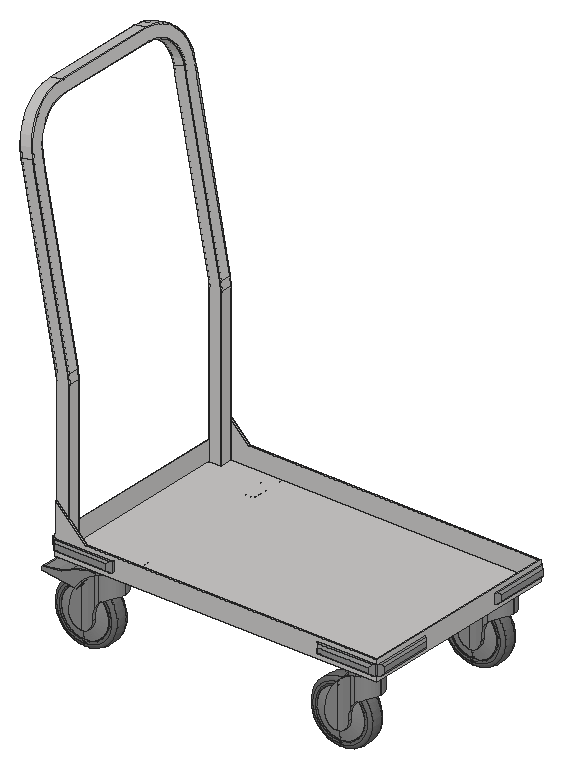
Revit family "QF_BPRO_TRE 6x4_575098", category Sonderausstattung, Revit 2018
Family settings
  Bemaßung runder Anschluss = Durchmesser verwenden
  Teiletyp = Normal
  Arbeitsebenenbasiert = Nein
  Immer vertikal = Ja
  Beim Laden mit Abzugskörper schneiden = Nein
  Gemeinsam genutzt = Nein
  Raumberechnungspunkt = Nein
Parameters (values of type "TRE 6x4")
  Zubehör = yes
  Warnhinweise = ""
  URL = "https://www.bpro-solutions.com/"
  Typenkommentare = "Transportwagen für Eurobehälter"
  Tiefe = 430 mm
  Modell = "TRE 6x4"
  Material Stoßschutz = QF_Plastic-Dark_Grey-Matt
  Material Rollen = QF_Plastic-Dark_Grey-Matt
  Material = QF_Metal-Stainless-Steel_general
  Länge Gerätebreite = 742 mm
  Kosten = 391.1
  Internetadresse für Ersatzteilliste = ""
  Internetadresse Gerätehersteller = "https://www.bpro-solutions.com/"
  ID [instance] = ""
  Höhe = 950 mm
  Hersteller = "B.PRO GmbH"
  Großküchengerätezuordnung = yes
  Gerätegewicht Netto = 10.00 kg
  Freiraum [instance] = no
  CE Kennzeichnung = yes
  Beschreibung durch Hersteller analog Leistungsverzeichnislangtext = "Abmessungen\n\nLänge:\t\t\t742 mm\nBreite:\t\t430 mm\nHöhe:\t\t950 mm\nPlattformhöhe:\t\t201 mm\n\n\nAusführung\n\nDer Transportroller für Eurobehälter besteht komplett aus CNS 18/10. Die Oberfläche ist mikroliert. \nStirnseitig befindet sich ein gebogener Schiebegriff aus 25 x 25 mm Vierkantrohr. \n\nDer Wagen ist fahrbar mittels rostfreien Kunststoffrollen gemäß DIN 18867-8 (4 Lenkrollen, davon 2 mit Feststeller, Rollendurchmesser 125 mm). Stoßleisten aus Kunststoff (Polyethylen) an allen vier Seiten schützen vor Beschädigung.\n\n\nTechnische Daten\n\nWerkstoff:\t\tCNS 18/10\nGewicht:\t\t10 kg \nGesamttragfähigkeit:\t120 kg\nPlattformgröße:\t\t600 x 400 mm\n\n\nBesonderheit\n\n•\tErgonomischer Schiebegriff\n\n\nFabrikat\n\nHersteller:\t\t\tB.PRO\nModell:\tTRE 6 x 4\nBest.Nr.\t575 098"
  Description = "TRE 6 x 4\nPlattformwagen\nfür Eurobehälter,\ninkl. Schiebegriff,\nmit umlaufendem Profilrand,\nPlattformgröße: 640 x 430 mm"
  Artikel Nummer = "575098"
Reference planes
  plane 1 "Mitte (Vorne/hinten)": y = 0
  plane 2: z = 0
  plane 3 "Mitte (Links/rechts)": x = 0
  plane 4: y = -166
  plane 5: y = 166
  plane 6: x = -241
  plane 7: x = 271
  plane 8 "g": through (-398.358, -1524, 947.346) normal (0.9816, 0, 0.1908)
Forms (mm)
  Extrusion 1, solid, material "QF_Metal-Stainless-Steel_general" <- "Material"
    sketch origin (0, 0, 0) x (1, 0, 0) y (0, 1, 0)
      loop
        line (322.5, -205) -> (322.5, 205) -> (-322.5, 205) -> (-322.5, -205) -> (322.5, -205)
      loop
        line (-320.5, 203) -> (-320.5, -202.929) -> (320.5, -202.929) -> (320.5, 203) -> (-320.5, 203)
    from 162.495 to 200.495
  Extrusion 2, solid, material "QF_Metal-Stainless-Steel_general" <- "Material"
    sketch origin (0, 0, 0) x (1, 0, 0) y (0, 1, 0)
      loop
        line (-322.5, -205) -> (322.5, -205) -> (322.5, 205) -> (-322.5, 205) -> (-322.5, -205)
    from 160.495 to 162.495
  Extrusion 3, solid, material "QF_Metal-Stainless-Steel_general" <- "Material"
    sketch origin (0, 0, 0) x (1, 0, 0) y (0, 0, 1)
      loop
        line (-260.5, 200.495) -> (-320.5, 260.495) -> (-320.5, 200.495) -> (-260.5, 200.495)
    from 203 to 205
  Extrusion 4, solid, material "QF_Metal-Stainless-Steel_general" <- "Material"
    sketch origin (0, 408, 0) x (1, 0, 0) y (0, 0, 1)
      loop
        line (-260.5, 200.495) -> (-320.5, 260.495) -> (-320.5, 200.495) -> (-260.5, 200.495)
    from 203 to 205
  Sweep 5, solid, material "QF_Metal-Stainless-Steel_general" <- "Material"
    path origin (0, 0, 0) x (1, 0, 0) y (0, 0, 1)
      loop
        line (-308, 162.495) -> (-308, 474.552)
        arc (-308, 474.552) -> (-308.38, 482.459) -> (-309.516, 490.293) r 82.5
        line (-309.516, 490.293) -> (-376.89, 836.903)
    profile origin (-308, 0, 318.523) x (-1, 0, 0) y (0, -1, 0)
      loop
        line (-11.25, 178) -> (11.25, 178)
        arc (11.25, 178) -> (12.134, 178.366) -> (12.5, 179.25) r 1.25
        line (12.5, 179.25) -> (12.5, 201.75)
        arc (12.5, 201.75) -> (12.134, 202.634) -> (11.25, 203) r 1.25
        line (11.25, 203) -> (-11.25, 203)
        arc (-11.25, 203) -> (-12.134, 202.634) -> (-12.5, 201.75) r 1.25
        line (-12.5, 201.75) -> (-12.5, 179.25)
        arc (-12.5, 179.25) -> (-12.134, 178.366) -> (-11.25, 178) r 1.25
  Sweep 6, solid, material "QF_Metal-Stainless-Steel_general" <- "Material"
    path origin (0, 0, 0) x (1, 0, 0) y (0, 0, -1)
      loop
        line (-308, -162.495) -> (-308, -474.552)
        arc (-308, -474.552) -> (-308.38, -482.459) -> (-309.516, -490.293) r 82.5
        line (-309.516, -490.293) -> (-376.89, -836.903)
    profile origin (-308, 0, 318.523) x (1, 0, 0) y (0, 1, 0)
      loop
        arc (11.25, 178) -> (12.134, 178.366) -> (12.5, 179.25) r 1.25
        line (12.5, 179.25) -> (12.5, 201.75)
        arc (12.5, 201.75) -> (12.134, 202.634) -> (11.25, 203) r 1.25
        line (11.25, 203) -> (-11.25, 203)
        arc (-11.25, 203) -> (-12.134, 202.634) -> (-12.5, 201.75) r 1.25
        line (-12.5, 201.75) -> (-12.5, 179.25)
        arc (-12.5, 179.25) -> (-12.134, 178.366) -> (-11.25, 178) r 1.25
        line (-11.25, 178) -> (11.25, 178)
  Sweep 7, solid, material "QF_Metal-Stainless-Steel_general" <- "Material"
    path origin (-206.413, 0, -40.123) x (-0.190809, 0, 0.981627) y (0, -1, 0)
      loop
        line (893.44, 190.5) -> (908.484, 190.5)
        arc (908.484, 190.5) -> (968.588, 165.604) -> (993.484, 105.5) r 85
        line (993.484, 105.5) -> (993.484, -105.5)
        arc (993.484, -105.5) -> (968.588, -165.604) -> (908.484, -190.5) r 85
        line (908.484, -190.5) -> (893.44, -190.5)
    profile origin (-378.325, -190.5, 844.286) x (0, -1, 0) y (0.981627, 0, 0.190809)
      loop
        line (-11.25, -12.5) -> (11.25, -12.5)
        arc (11.25, -12.5) -> (12.134, -12.134) -> (12.5, -11.25) r 1.25
        line (12.5, -11.25) -> (12.5, 11.25)
        arc (12.5, 11.25) -> (12.134, 12.134) -> (11.25, 12.5) r 1.25
        line (11.25, 12.5) -> (-11.25, 12.5)
        arc (-11.25, 12.5) -> (-12.134, 12.134) -> (-12.5, 11.25) r 1.25
        line (-12.5, 11.25) -> (-12.5, -11.25)
        arc (-12.5, -11.25) -> (-12.134, -12.134) -> (-11.25, -12.5) r 1.25
  Extrusion 8, solid, visible <- "Freiraum"
    sketch origin (862.245, 96.422, 0) x (1, 0, 0) y (0, 1, 0)
      loop
        line (-1272.664, 118.578) -> (-1272.664, -311.422) -> (-529.745, -311.422) -> (-529.745, 118.578) -> (-1272.664, 118.578)
    from 0 to 949.537
Cuts and joins
  joined: Extrusion 1, Extrusion 2, Extrusion 3, Extrusion 4
  joined: Sweep 5, Sweep 6, Sweep 7
Dimensions and locks
  aligned and locked: level to plane 2
Nested families
  nested 1: "Rolle_125mm_Typ1_1" at (-241, 166, 0) x (0, -1, 0) z (0, 0, 1), type "Bremse und Platte"
  nested 2: "Rolle_125mm_Typ1_1" at (-241, -166, 0) x (0, -1, 0) z (0, 0, 1), type "Bremse und Platte"
  nested 3: "Rolle_125mm_Typ1_1" at (271, -166, 0) x (0, -1, 0) z (0, 0, 1), type "ohne Bremse mit Platte"
  nested 4: "Rolle_125mm_Typ1_1" at (271, 166, 0) x (0, -1, 0) z (0, 0, 1), type "ohne Bremse mit Platte"
  nested 5: "Stoßschutz_Typ3" at (-322.5, -205, 182.495), type "Stoßschutz_Typ3"
  nested 6: "Stoßschutz_Typ3" at (322.5, -205, 182.495) x (0, 1, 0) z (0, 0, 1), type "Stoßschutz_Typ3"
  nested 7: "Stoßschutz_Typ3" at (322.5, 205, 182.495) x (-1, 0, 0) z (0, 0, 1), type "Stoßschutz_Typ3"
  nested 8: "Stoßschutz_Typ3" at (-322.5, 205, 182.495) x (0, -1, 0) z (0, 0, 1), type "Stoßschutz_Typ3"
Definition of nested family "Rolle_125mm_Typ1_1"
  Parameters (values of type "Bremse ohne Platte")
    Meterial Felge = none
    Material Rolle = none
    Material Korpus = none
    Bremse = yes
    Befestigungsplatte = no
  Types (4, lengths in mm): name | Bremse | Befestigungsplatte
    Bremse und Platte | yes | yes
    Bremse ohne Platte | yes | no
    ohne Bremse mit Platte | no | yes
    ohne Bremse ohne Platte | no | no
  Reference planes
    plane 1 "Mitte (Vorne/hinten)": y = 0
    plane 2: z = 0
    plane 3 "Mitte (Links/rechts)": x = 0
    plane 4 "achse": y = -40.006
    plane 5: y = -27.583
    plane 6: y = 27.583
    plane 7: x = -19.406
    plane 8: x = 19.406
  Forms (mm)
    Extrusion 1, solid, material <- "Material Korpus"
      sketch origin (0, 0, 0) x (0, 1, 0) y (0, 0, 1)
        loop
          arc (29.483, 153.125) -> (-36.251, 126.766) -> (-66.01, 62.5) r 95.978
          arc (-66.01, 62.5) -> (-40.006, 36.495) -> (-14.001, 62.5) r 26.005
          arc (-14.001, 62.5) -> (-2.667, 96.712) -> (29.483, 112.998) r 47.282
          line (29.483, 112.998) -> (29.483, 153.125)
      from -29.5 to 29.5
    Extrusion 2, void
      sketch origin (0, 0, 0) x (1, 0, 0) y (0, 1, 0)
        loop
          arc (29.5, 0) -> (29.227, -5.123) -> (28.412, -10.188) r 48.241
          arc (28.412, -10.188) -> (26.103, -25.015) -> (25.536, -40.009) r 128.719
          arc (25.536, -40.009) -> (24.89, -53.073) -> (22.96, -66.01) r 132.493
          line (22.96, -66.01) -> (22.96, -71.01) -> (32.96, -71.01) -> (32.96, 33.99) -> (-32.96, 33.99) -> (-32.96, -71.01) -> (-22.96, -71.01) -> (-22.96, -66.01)
          arc (-22.96, -66.01) -> (-24.89, -53.073) -> (-25.536, -40.009) r 132.493
          arc (-25.536, -40.009) -> (-26.103, -25.015) -> (-28.412, -10.188) r 128.719
          arc (-28.412, -10.188) -> (-29.227, -5.123) -> (-29.5, 0) r 48.241
          arc (-29.5, 0) -> (0, 29.5) -> (29.5, 0) r 29.5
        loop
          arc (24.5, 0) -> (0, 24.5) -> (-24.5, 0) r 24.5
          arc (-24.5, 0) -> (-24.255, -4.592) -> (-23.525, -9.132) r 43.241
          arc (-23.525, -9.132) -> (-21.129, -24.509) -> (-20.536, -40.06) r 133.719
          arc (-20.536, -40.06) -> (-19.888, -52.85) -> (-17.96, -65.51) r 127.493
          line (-17.96, -65.51) -> (-17.96, -76.01) -> (17.96, -76.01) -> (17.96, -65.51)
          arc (17.96, -65.51) -> (19.888, -52.85) -> (20.536, -40.06) r 127.493
          arc (20.536, -40.06) -> (21.129, -24.509) -> (23.525, -9.132) r 133.719
          arc (23.525, -9.132) -> (24.255, -4.592) -> (24.5, 0) r 43.241
      from 0 to 161.3
    Extrusion 3, solid, material <- "Material Korpus"
      sketch origin (0, 0, 0) x (1, 0, 0) y (0, 1, 0)
        loop
          circle (0, 0) r 27.583
        loop
          circle (0, 0) r 22.583
      from 132.308 to 154.969
    Extrusion 4, void
      sketch origin (0, 0, 0) x (0, 1, 0) y (0, 0, 1)
        loop
          arc (29.483, 148.125) -> (-1.46, 142.58) -> (-28.669, 126.834) r 90.978
          line (-28.669, 126.834) -> (29.483, 126.834) -> (29.483, 148.125)
      from -30 to 30
    Extrusion 5, solid, material <- "Material Korpus"
      sketch origin (0, 0, 0) x (0, 1, 0) y (0, 0, 1)
        loop
          arc (0, 148.376) -> (-26.751, 134.682) -> (-47.956, 113.387) r 95.978
          line (-47.956, 113.387) -> (-43.905, 110.457)
          arc (-43.905, 110.457) -> (-24.464, 130.157) -> (0, 143.1) r 90.978
          line (0, 143.1) -> (0, 148.376)
      from -23.033 to 23
    Extrusion 6, void
      sketch origin (0, 0, 0) x (1, 0, 0) y (0, 1, 0)
        loop
          circle (-0.017, 0) r 22.583
      from 106.63 to 154.969
    Extrusion 7, void
      sketch origin (0, 0, 0) x (1, 0, 0) y (0, 1, 0)
        loop
          line (-20.288, -47.956) -> (-20.288, -52.956) -> (20.288, -52.956) -> (20.288, -47.956)
          arc (20.288, -47.956) -> (0, -27.669) -> (-20.288, -47.956) r 20.288
      from 83.979 to 153.125
    Revolve 8, solid, material <- "Material Korpus"
      sketch origin (0, 0, 0) x (0, 1, 0) y (0, 0, 1)
        loop
          line (-27.583, 155.817) -> (-22.583, 155.817) -> (-22.583, 154.969) -> (0, 154.969) -> (0, 160.495) -> (-27.583, 160.495) -> (-27.583, 155.817)
        axis (0, 160.495) -> (0, 154.969)
      angle from 0 to 360
    Extrusion 9, solid, material <- "Material Korpus", visible <- "Befestigungsplatte"
      sketch origin (0, 0, 0) x (1, 0, 0) y (0, 1, 0)
        loop
          line (30, 47.5) -> (-30, 47.5)
          arc (-30, 47.5) -> (-33.536, 46.036) -> (-35, 42.5) r 5
          line (-35, 42.5) -> (-35, -42.5)
          arc (-35, -42.5) -> (-33.536, -46.036) -> (-30, -47.5) r 5
          line (-30, -47.5) -> (30, -47.5)
          arc (30, -47.5) -> (33.536, -46.036) -> (35, -42.5) r 5
          line (35, -42.5) -> (35, 42.5)
          arc (35, 42.5) -> (33.536, 46.036) -> (30, 47.5) r 5
      from 158.8 to 161.3
    Revolve 10, solid, material <- "Material Rolle"
      sketch origin (0, -40.006, 0) x (0, 0, -1) y (1, 0, 0)
        loop
          line (-62.5, -12.996) -> (-14.712, -12.996) -> (-14.629, -14.183)
          arc (-14.629, -14.183) -> (-14.012, -15.475) -> (-12.68, -16) r 1.953
          line (-12.68, -16) -> (-7.356, -16)
          arc (-7.356, -16) -> (-3.064, -14.525) -> (-0.584, -10.724) r 6.984
          arc (-0.584, -10.724) -> (0.747, 0) -> (-0.584, 10.724) r 43.854
          arc (-0.584, 10.724) -> (-3.064, 14.525) -> (-7.356, 16) r 6.984
          line (-7.356, 16) -> (-12.68, 16)
          arc (-12.68, 16) -> (-14.012, 15.475) -> (-14.629, 14.183) r 1.953
          line (-14.629, 14.183) -> (-14.712, 12.996) -> (-62.5, 12.996) -> (-62.5, -12.996)
        axis (-62.5, -16) -> (-62.5, 16)
      angle from 0 to 360
    Revolve 11, solid, material <- "Meterial Felge"
      sketch origin (0, -40.006, 0) x (0, 0, -1) y (1, 0, 0)
        loop
          arc (-62.5, -22.767) -> (-38.311, -20.846) -> (-14.712, -15.198) r 156.034
          line (-14.712, -15.198) -> (-14.712, 15.198)
          arc (-14.712, 15.198) -> (-38.311, 20.846) -> (-62.5, 22.767) r 156.034
          line (-62.5, 22.767) -> (-62.5, -22.767)
        axis (-62.5, -22.767) -> (-62.5, 22.767)
      angle from 0 to 360
    Extrusion 12, solid, material <- "Material Korpus", visible <- "Bremse"
      sketch origin (0, 0, 0) x (0, 1, 0) y (0, 0, 1)
        loop
          arc (-49.4, 105.824) -> (-29.128, 129.052) -> (-2.377, 144.374) r 92.978
          line (-2.377, 144.374) -> (-24.983, 146.448)
          arc (-24.983, 146.448) -> (-43.484, 142.245) -> (-61.13, 135.276) r 124.365
          arc (-61.13, 135.276) -> (-90.048, 124.527) -> (-120.492, 119.527) r 160.001
          arc (-120.492, 119.527) -> (-121.721, 118.993) -> (-122.334, 117.801) r 1.991
          line (-122.334, 117.801) -> (-123.025, 112.581) -> (-49.4, 105.824)
      from -25 to 25
    Extrusion 13, void
      sketch origin (0, 0, 0) x (1, 0, 0) y (0, 1, 0)
        loop
          line (-24.687, -2.377) -> (-40, -2.377) -> (-40, -137.377) -> (-17.56, -137.377)
          arc (-17.56, -137.377) -> (-23.153, -69.984) -> (-24.687, -2.377) r 1125.228
        loop
          arc (-21.687, -2.377) -> (-20.149, -69.984) -> (-14.54, -137.377) r 1122.228
          line (-14.54, -137.377) -> (14.54, -137.377)
          arc (14.54, -137.377) -> (20.149, -69.984) -> (21.687, -2.377) r 1122.228
          line (21.687, -2.377) -> (-21.687, -2.377)
        loop
          arc (24.687, -2.377) -> (23.153, -69.984) -> (17.56, -137.377) r 1125.228
          line (17.56, -137.377) -> (40, -137.377) -> (40, -2.377) -> (24.687, -2.377)
      from 100.163 to 161.8
    Extrusion 14, void
      sketch origin (0, 0, 0) x (1, 0, 0) y (0, 1, 0)
        loop
          circle (0, 0) r 27.583
      from 83.929 to 175.029
    Extrusion 15, solid, material <- "Material Korpus", visible <- "Bremse"
      sketch origin (0, 0, 0) x (0, 1, 0) y (0, 0, 1)
        loop
          line (-12.244, 145.279) -> (-24.983, 146.448)
          arc (-24.983, 146.448) -> (-43.484, 142.245) -> (-61.13, 135.276) r 124.365
          arc (-61.13, 135.276) -> (-90.048, 124.527) -> (-120.492, 119.527) r 160.001
          arc (-120.492, 119.527) -> (-121.721, 118.993) -> (-122.334, 117.801) r 1.991
          line (-122.334, 117.801) -> (-123.013, 112.668) -> (-120.843, 112.381) -> (-120.293, 116.533)
          arc (-120.293, 116.533) -> (-89.279, 121.627) -> (-59.819, 132.578) r 163.001
          arc (-59.819, 132.578) -> (-42.769, 139.326) -> (-24.897, 143.428) r 121.365
          line (-24.897, 143.428) -> (-12.244, 142.267) -> (-12.244, 145.279)
      from -30 to 30
    Extrusion 16, void
      sketch origin (0, 0, 0) x (1, 0, 0) y (0, 1, 0)
        loop
          line (-21.718, -9.744) -> (-35.589, -9.744) -> (-35.589, -127.783) -> (-15.589, -127.783)
          arc (-15.589, -127.783) -> (-20.208, -68.844) -> (-21.718, -9.744) r 1122.228
        loop
          line (15.589, -127.783) -> (35.589, -127.783) -> (35.589, -9.744) -> (21.718, -9.744)
          arc (21.718, -9.744) -> (20.208, -68.844) -> (15.589, -127.783) r 1122.228
      from 95.424 to 163.646
  Cuts and joins
    Extrusion 2 cuts Extrusion 1
    Extrusion 4 cuts Extrusion 3
    Extrusion 6, Extrusion 7 cuts Extrusion 5
    joined: Extrusion 1, Extrusion 3, Extrusion 5
    Extrusion 13, Extrusion 14 cuts Extrusion 12
    Extrusion 14, Extrusion 16 cuts Extrusion 15
  Dimensions and locks
    aligned and locked: level to plane 2
Definition of nested family "Stoßschutz_Typ3"
  Parameters (values of type "Stoßschutz_Typ3")
    Material = none
  Reference planes
    plane 1 "Mitte (Vorne/hinten)": y = 0
    plane 2: z = 0
    plane 3 "Mitte (Links/rechts)": x = 0
  Forms (mm)
    Extrusion 1, solid, material <- "Material"
      sketch origin (0, 0, 0) x (1, 0, 0) y (0, 0, 1)
        loop
          line (-6, 9.75) -> (-10, 5.75) -> (-10, -5.75) -> (-6, -9.75) -> (0, -9.75) -> (0, 9.75) -> (-6, 9.75)
      from -118.5 to 0
    Extrusion 2, void
      sketch origin (0, 0, 0) x (1, 0, 0) y (0, 1, 0)
        loop
          line (0, -2) -> (-12, 10) -> (-12, -2) -> (0, -2)
        loop
          line (0, 120.5) -> (-12, 120.5) -> (-12, 108.5) -> (0, 120.5)
      from -10 to 10
    Extrusion 3, solid, material <- "Material"
      sketch origin (0, 0, 0) x (0, 1, 0) y (0, 0, -1)
        loop
          line (-6, -9.75) -> (0, -9.75) -> (0, 9.75) -> (-6, 9.75) -> (-10, 5.75) -> (-10, -5.75) -> (-6, -9.75)
      from -118.5 to 0
    Extrusion 4, void
      sketch origin (0, 0, 0) x (0, 1, 0) y (-1, 0, 0)
        loop
          line (0, 2) -> (-12, 2) -> (-12, -10) -> (0, 2)
        loop
          line (0, -120.5) -> (-12, -108.5) -> (-12, -120.5) -> (0, -120.5)
      from -10 to 10
  Cuts and joins
    Extrusion 2 cuts Extrusion 1
    Extrusion 4 cuts Extrusion 3
  Dimensions and locks
    aligned and locked: level to plane 2
